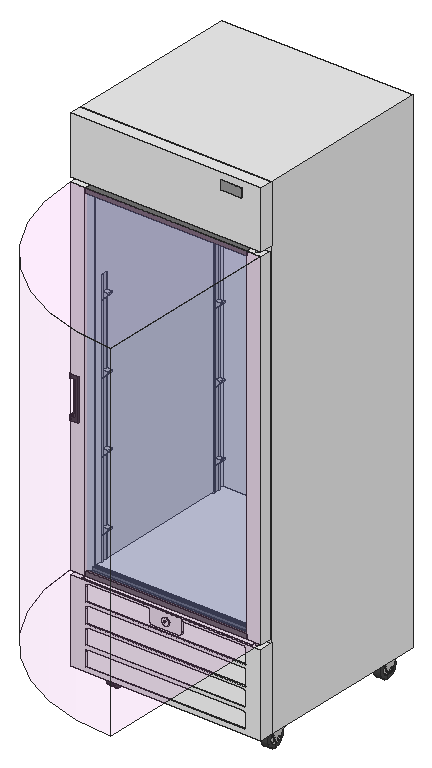
Revit family "QF_Summit_ACR261RH_General_Purpose Healthcare_All_Refrigerator", category Specialty Equipment, Revit 2020
Family settings
  Round Connector Dimension = Use Diameter
  Part Type = Normal
  Work Plane-Based = No
  Always vertical = Yes
  Cut with Voids When Loaded = No
  Shared = No
  Room Calculation Point = No
Parameters
  Weight in Pounds = 280
  Watts = if(Phase = 3, Volts * FL Amps * 1.73, Volts * FL Amps)  # 368 W
  Volts = 115 V
  URL Cutsheet = ""
  Specification by User = ""
  Specification by Manufacturer = ""
  Show Clearance [instance] = yes
  Serial Number = ""
  Seismic Rating = ""
  SMACNA No = ""
  Revision Code = ""
  Phase = 1
  Number of Poles = 1
  NAFEM Spec ID Number = ""
  Model = "ACR261RH"
  Min Ckt Ampacity = 0 A
  Max Overcurrent Protection = 0 A
  Masterspec = ""
  Manufacturer = "Summit"
  Length = 29 7/8"
  Item Number = ""
  Installed By = ""
  Identify Quantity as Lot = yes
  Height = 81 3/4"
  HP = ""
  Furnished By = ""
  Foodservice Equipment Identifier = yes
  FL Amps = 3.2 A
  Electrical Remarks = ""
  Electric Connection Type = ""
  Elec Conn RI Height = 0"
  Elec Conn Connection Height = 0"
  Description = "General Purpose Healthcare All-Refrigerator"
  Depth = 29 5/8"
  Default Elevation = 0"
  Cycle = 60 Hz
  Conn Plug = ""
  Conn Conduit = yes
  CSI MasterFormat = ""
  Apparent Power = if(Phase = 3, Volts * FL Amps * 1.73, Volts * FL Amps)  # 368 VA
Reference planes (in)
  plane 1 "BACK": y = 0
  plane 2: z = 0
  plane 3 "LEFT": x = 0
  plane 4 "RIGHT": x = 29.875
  plane 5 "FRONT": y = -29.625
  plane 6 "TOP": z = 81.75
  plane 7 "Center Y": x = 14.9375
  plane 8 "Center X": y = -14.8125
  plane 9: y = -59
  plane 10 "Base Height": z = 3.75
  plane 11: y = 0.75
  plane 12: z = 72.75
  plane 13: z = 17
  plane 14: y = -27.625
  plane 15: z = 72.125
  plane 16: z = 17.625
Forms (in)
  Extrusion 1, solid, material "QF_Metallic_Paint_White_Smooth"
    sketch origin (0, 0, 3.75) x (-1, 0, 0) y (0, -1, 0)
      loop
        line (0, 0) -> (0, 27.6285) -> (-29.875, 27.6285) -> (-29.875, 0) -> (0, 0)
    from 0.5 to 14.625
  Extrusion 2, solid, material "QF_Metallic_Paint_White_Smooth"
    sketch origin (0, 0, 18.375) x (-1, 0, 0) y (0, -1, 0)
      loop
        line (0, 0) -> (0, 27.6285) -> (-2.3125, 27.6285) -> (-2.3125, 2.625) -> (-27.5625, 2.625) -> (-27.5625, 27.6285) -> (-29.875, 27.6285) -> (-29.875, 0) -> (0, 0)
    from 0 to 63.375
  Extrusion 3, solid, material "QF_Metallic_Paint_White_Smooth"
    sketch origin (27.5625, -27.6285, 72.125) x (1, 0, 0) y (0, 1, 0)
      loop
        line (-27.5625, 0.0035) -> (-27.5625, -1.9965) -> (2.3125, -1.9965) -> (2.3125, 0.0035) -> (-27.5625, 0.0035)
    from 0.625 to 9.625
  Extrusion 4, solid, material "QF_Metallic_Paint_White_Smooth"
    sketch origin (29.875, -27.6285, 3.75) x (-1, 0, 0) y (0, 0, -1)
      loop
        line (29.875, -13.25) -> (29.875, -0.5) -> (28.25, -0.5) -> (28.25, -13.25) -> (29.875, -13.25)
      loop
        line (0, -0.5) -> (0, -13.25) -> (1.625, -13.25) -> (1.625, -0.5) -> (0, -0.5)
    from 0 to 1.9965
  Extrusion 5, solid, material "QF_Metallic_Paint_White_Smooth"
    sketch origin (1.625, -27.6285, 17) x (0, 0, -1) y (0, 1, 0)
      loop
        line (0, -1.7465) -> (0.3125, -1.7465) -> (0.3125, -0.9965) -> (2.9375, -1.7465) -> (2.9375, -0.9965) -> (6, -1.7465) -> (6, -0.9965) -> (9.0625, -1.7465) -> (9.0625, -0.9965) -> (12.125, -1.7465) -> (12.75, -1.7465) -> (12.75, 0) -> (0, 0) -> (0, -1.7465)
    from 0 to 26.625
  Extrusion 6, solid, material "QF_Metallic_Paint_White_Smooth"
    sketch origin (0, -27.6285, 18.375) x (1, 0, 0) y (0, 0, 1)
      loop
        line (0, 53.75) -> (0, -0.75) -> (2.3125, -0.75) -> (2.3125, 53.75) -> (0, 53.75)
      loop
        line (29.875, -0.75) -> (29.875, 53.75) -> (27.5625, 53.75) -> (27.5625, -0.75) -> (29.875, -0.75)
    from 0.3665 to 1.9965
  Extrusion 7, solid, material "QF_Rubber_Black_Smooth"
    sketch origin (0, -27.6285, 18.375) x (1, 0, 0) y (0, 0, 1)
      loop
        line (0.375, 53.375) -> (0.375, -0.375) -> (29.5, -0.375) -> (29.5, 53.375) -> (0.375, 53.375)
      loop
        line (0.75, 53) -> (0.75, 0) -> (29.125, 0) -> (29.125, 53) -> (0.75, 53)
    from 0 to 0.3665
  Extrusion 8, solid, material "Glass"
    sketch origin (0, -29.625, 18.375) x (1, 0, 0) y (0, 0, 1)
      loop
        line (2.3125, -0.375) -> (27.5625, -0.375) -> (27.5625, 53.375) -> (2.3125, 53.375) -> (2.3125, -0.375)
    from -0.375 to -1.255
  Extrusion 9, solid
    sketch origin (29.875, 0, 18.375) x (-1, 0, 0) y (0, 0, 1)
      loop
        circle (3.36372, -13.78099) r 0.25
    from 0 to 0.0625
  Extrusion 10, solid, material "QF_Metallic_Paint_White_Smooth"
    sketch origin (29.875, -29.625, 3.75) x (-1, 0, 0) y (0, 0, -1)
      loop
        line (28.25, -13.25) -> (28.25, -0.5) -> (1.625, -0.5) -> (1.625, -13.25) -> (28.25, -13.25)
      loop
        line (12.4375, -12.9375) -> (12.4375, -11.25)
        arc (12.4375, -11.25) -> (12.58395, -10.89645) -> (12.9375, -10.75) r 0.5
        line (12.9375, -10.75) -> (16.9375, -10.75)
        arc (16.9375, -10.75) -> (17.29105, -10.89645) -> (17.4375, -11.25) r 0.5
        line (17.4375, -11.25) -> (17.4375, -12.9375) -> (27, -12.9375)
        arc (27, -12.9375) -> (27.35355, -12.79105) -> (27.5, -12.4375) r 0.5
        line (27.5, -12.4375) -> (27.5, -10.3125) -> (2.375, -10.3125) -> (2.375, -12.4375)
        arc (2.375, -12.4375) -> (2.52145, -12.79105) -> (2.875, -12.9375) r 0.5
        line (2.875, -12.9375) -> (12.4375, -12.9375)
      loop
        line (2.875, -9.875) -> (27, -9.875)
        arc (27, -9.875) -> (27.35355, -9.72855) -> (27.5, -9.375) r 0.5
        line (27.5, -9.375) -> (27.5, -7.25) -> (2.375, -7.25) -> (2.375, -9.375)
        arc (2.375, -9.375) -> (2.52145, -9.72855) -> (2.875, -9.875) r 0.5
      loop
        line (2.875, -6.8125) -> (27, -6.8125)
        arc (27, -6.8125) -> (27.35355, -6.66605) -> (27.5, -6.3125) r 0.5
        line (27.5, -6.3125) -> (27.5, -4.1875) -> (2.375, -4.1875) -> (2.375, -6.3125)
        arc (2.375, -6.3125) -> (2.52145, -6.66605) -> (2.875, -6.8125) r 0.5
      loop
        line (2.875, -3.75) -> (27, -3.75)
        arc (27, -3.75) -> (27.35355, -3.60355) -> (27.5, -3.25) r 0.5
        line (27.5, -3.25) -> (27.5, -1.125) -> (2.375, -1.125) -> (2.375, -3.25)
        arc (2.375, -3.25) -> (2.52145, -3.60355) -> (2.875, -3.75) r 0.5
    from 0 to -0.25
  Extrusion 11, solid, material "QF_Metallic_Paint_White_Smooth"
    sketch origin (2.3125, -2.625, 18.375) x (1, 0, 0) y (0, 0, 1)
      loop
        line (25.25, 62) -> (25.25, 63.375) -> (0, 63.375) -> (0, 62) -> (25.25, 62)
    from 0 to 25.0035
  Extrusion 12, solid, material "QF_Metallic_Paint_White_Smooth"
    sketch origin (29.875, -29.625, 3.75) x (-1, 0, 0) y (0, 0, -1)
      loop
        circle (14.9375, -11.92271) r 0.5625
      loop
        circle (14.9375, -11.92271) r 0.1875
    from 0 to 0.0625
  Extrusion 13, solid
    sketch origin (35.78364, 0, 18.375) x (-1, 0, 0) y (0, 0, 1)
      loop
        line (15.65864, -1.6875) -> (13.90864, -1.6875) -> (13.90864, -3.4375) -> (15.65864, -3.4375) -> (15.65864, -1.6875)
    from 0 to 0.75
  Extrusion 14, solid, material "QF_Metallic_Paint_White_Smooth"
    sketch origin (0, 0, 4.25) x (0, -1, 0) y (-1, 0, 0)
      loop
        line (1, -1) -> (1, -28.875) -> (26.6285, -28.875) -> (26.6285, -1) -> (1, -1)
    from 0 to 0.5
  Extrusion 15, solid, material "QF_Rubber_Black_Smooth"
    sketch origin (2.3125, -27.6285, 17.625) x (0, 0, 1) y (0, -1, 0)
      loop
        line (0, 1.9965) -> (0, 0.3665) -> (0.75, 0.3665) -> (0.75, 0.7415) -> (0.375, 0.7415) -> (0.375, 1.6215) -> (0.75, 1.6215) -> (0.75, 1.9965) -> (0, 1.9965)
      loop
        line (54.5, 1.9965) -> (53.75, 1.9965) -> (53.75, 1.6215) -> (54.125, 1.6215) -> (54.125, 0.7415) -> (53.75, 0.7415) -> (53.75, 0.3665) -> (54.5, 0.3665) -> (54.5, 1.9965)
    from 0 to 25.25
  Extrusion 16, solid, material "QF_Plastic_Gray"
    sketch origin (29.875, -29.625, 72.125) x (-1, 0, 0) y (0, 0, -1)
      loop
        arc (3.11, -7.18125) -> (3.03222, -7.21347) -> (3, -7.29125) r 0.11
        line (3, -7.29125) -> (3, -8.515)
        arc (3, -8.515) -> (3.03222, -8.59278) -> (3.11, -8.625) r 0.11
        line (3.11, -8.625) -> (6.19, -8.625)
        arc (6.19, -8.625) -> (6.26778, -8.59278) -> (6.3, -8.515) r 0.11
        line (6.3, -8.515) -> (6.3, -7.29125)
        arc (6.3, -7.29125) -> (6.26778, -7.21347) -> (6.19, -7.18125) r 0.11
        line (6.19, -7.18125) -> (3.11, -7.18125)
    from 0 to 0.0625
  Extrusion 17, solid, material "QF_Clearances_Door_Drawer", visible <- "Show Clearance"
    sketch origin (0, -27.6285, 17.625) x (0, -1, 0) y (-1, 0, 0)
      loop
        line (1.9965, -0.00418) -> (1.9965, -29.875) -> (31.3715, -29.875)
        arc (31.3715, -29.875) -> (22.79736, -8.92771) -> (1.9965, -0.00418) r 29.875
    from 0 to -54.5
  Extrusion 18, void
    sketch origin (29.875, -29.625, 18.375) x (-1, 0, 0) y (0, 0, -1)
      loop
        line (30.16176, -26.29207) -> (30.16176, -21) -> (29, -21) -> (29, -26.29207) -> (30.16176, -26.29207)
    from -0.875 to 0.3741
  Extrusion 19, solid, material "QF_Metal_Black"
    sketch origin (29.875, 0, 3.75) x (1, 0, 0) y (0, 1, 0)
      loop
        line (-30, -28.25) -> (-30, -29.5)
        arc (-30, -29.5) -> (-29.92678, -29.67678) -> (-29.75, -29.75) r 0.25
        line (-29.75, -29.75) -> (-28.568, -29.75) -> (-28.568, -29.625) -> (-29.75, -29.625)
        arc (-29.75, -29.625) -> (-29.83839, -29.58839) -> (-29.875, -29.5) r 0.125
        line (-29.875, -29.5) -> (-29.875, -28.25) -> (-30, -28.25)
    from 35 to 41.5
  Revolve 20, solid, material "QF_Metal - Stainless - Polished"
    sketch origin (29.875, -28.81, 0) x (-1, 0, 0) y (0, 0, -1)
      loop
        line (1.15625, -72.125) -> (0.90625, -72.125) -> (0.90625, -72.75) -> (1.15625, -72.75) -> (1.15625, -72.125)
      axis (1.15625, -72.75) -> (1.15625, -72.125)
    angle from 0 to 360
  Revolve 21, solid, material "QF_Metal - Stainless - Polished"
    sketch origin (29.875, -28.81, 89.75) x (-1, 0, 0) y (0, 0, -1)
      loop
        line (1.15625, 72.125) -> (1.15625, 72.75) -> (0.90625, 72.75) -> (0.90625, 72.125) -> (1.15625, 72.125)
      axis (1.15625, 72.75) -> (1.15625, 72.125)
    angle from 0 to 360
  Extrusion 22, solid, material "QF_Metal - Stainless - Polished"
    sketch origin (0, 0, 18.375) x (-1, 0, 0) y (0, -1, 0)
      loop
        line (-2.3125, 26.6285) -> (-2.5625, 26.6285) -> (-2.5625, 26.5035) -> (-2.4375, 26.5035) -> (-2.4375, 25.7535) -> (-2.5625, 25.7535) -> (-2.5625, 25.6285) -> (-2.3125, 25.6285) -> (-2.3125, 26.6285)
      loop
        line (-2.3125, 3.625) -> (-2.3125, 4.625) -> (-2.5625, 4.625) -> (-2.5625, 4.5) -> (-2.4375, 4.5) -> (-2.4375, 3.75) -> (-2.5625, 3.75) -> (-2.5625, 3.625) -> (-2.3125, 3.625)
      loop
        line (-27.5625, 26.6285) -> (-27.5625, 25.6285) -> (-27.3125, 25.6285) -> (-27.3125, 25.7535) -> (-27.4375, 25.7535) -> (-27.4375, 26.5035) -> (-27.3125, 26.5035) -> (-27.3125, 26.6285) -> (-27.5625, 26.6285)
      loop
        line (-27.5625, 3.625) -> (-27.3125, 3.625) -> (-27.3125, 3.75) -> (-27.4375, 3.75) -> (-27.4375, 4.5) -> (-27.3125, 4.5) -> (-27.3125, 4.625) -> (-27.5625, 4.625) -> (-27.5625, 3.625)
    from 0 to 40.19271
  Extrusion 23, solid, material "QF_Metal - Stainless - Polished"
    sketch origin (2.3125, -25.7535, 18.375) x (1, 0, 0) y (0, 0, 1)
      loop
        arc (1.08839, 4.58654) -> (1.11548, 4.6271) -> (1.125, 4.67493) r 0.125
        line (1.125, 4.67493) -> (1.125, 4.79732)
        arc (1.125, 4.79732) -> (1.10669, 4.84152) -> (1.0625, 4.85982) r 0.0625
        line (1.0625, 4.85982) -> (0.125, 4.85982) -> (0.125, 3.62316) -> (1.08839, 4.58654)
      loop
        arc (1.08839, 15.59364) -> (1.11548, 15.6342) -> (1.125, 15.68203) r 0.125
        line (1.125, 15.68203) -> (1.125, 15.80442)
        arc (1.125, 15.80442) -> (1.10669, 15.84861) -> (1.0625, 15.86692) r 0.0625
        line (1.0625, 15.86692) -> (0.125, 15.86692) -> (0.125, 14.63025) -> (1.08839, 15.59364)
      loop
        arc (1.08839, 26.59607) -> (1.11548, 26.63662) -> (1.125, 26.68446) r 0.125
        line (1.125, 26.68446) -> (1.125, 26.80685)
        arc (1.125, 26.80685) -> (1.10669, 26.85104) -> (1.0625, 26.86935) r 0.0625
        line (1.0625, 26.86935) -> (0.125, 26.86935) -> (0.125, 25.63268) -> (1.08839, 26.59607)
      loop
        arc (1.08839, 37.59607) -> (1.11548, 37.63662) -> (1.125, 37.68446) r 0.125
        line (1.125, 37.68446) -> (1.125, 37.80685)
        arc (1.125, 37.80685) -> (1.10669, 37.85104) -> (1.0625, 37.86935) r 0.0625
        line (1.0625, 37.86935) -> (0.125, 37.86935) -> (0.125, 36.63268) -> (1.08839, 37.59607)
      loop
        line (24.16161, 4.58654) -> (25.125, 3.62316) -> (25.125, 4.85982) -> (24.1875, 4.85982)
        arc (24.1875, 4.85982) -> (24.14331, 4.84152) -> (24.125, 4.79732) r 0.0625
        line (24.125, 4.79732) -> (24.125, 4.67493)
        arc (24.125, 4.67493) -> (24.13452, 4.6271) -> (24.16161, 4.58654) r 0.125
      loop
        line (24.16161, 15.59364) -> (25.125, 14.63025) -> (25.125, 15.86692) -> (24.1875, 15.86692)
        arc (24.1875, 15.86692) -> (24.14331, 15.84861) -> (24.125, 15.80442) r 0.0625
        line (24.125, 15.80442) -> (24.125, 15.68203)
        arc (24.125, 15.68203) -> (24.13452, 15.6342) -> (24.16161, 15.59364) r 0.125
      loop
        line (24.16161, 26.59607) -> (25.125, 25.63268) -> (25.125, 26.86935) -> (24.1875, 26.86935)
        arc (24.1875, 26.86935) -> (24.14331, 26.85104) -> (24.125, 26.80685) r 0.0625
        line (24.125, 26.80685) -> (24.125, 26.68446)
        arc (24.125, 26.68446) -> (24.13452, 26.63662) -> (24.16161, 26.59607) r 0.125
      loop
        line (24.16161, 37.59607) -> (25.125, 36.63268) -> (25.125, 37.86935) -> (24.1875, 37.86935)
        arc (24.1875, 37.86935) -> (24.14331, 37.85104) -> (24.125, 37.80685) r 0.0625
        line (24.125, 37.80685) -> (24.125, 37.68446)
        arc (24.125, 37.68446) -> (24.13452, 37.63662) -> (24.16161, 37.59607) r 0.125
    from 0 to 0.75
  Extrusion 24, solid, material "QF_Metal - Stainless - Polished"
    sketch origin (2.3125, -3.75, 18.375) x (1, 0, 0) y (0, 0, 1)
      loop
        arc (1.08839, 4.58654) -> (1.11548, 4.6271) -> (1.125, 4.67493) r 0.125
        line (1.125, 4.67493) -> (1.125, 4.79732)
        arc (1.125, 4.79732) -> (1.10669, 4.84152) -> (1.0625, 4.85982) r 0.0625
        line (1.0625, 4.85982) -> (0.125, 4.85982) -> (0.125, 3.62316) -> (1.08839, 4.58654)
      loop
        arc (1.08839, 15.59364) -> (1.11548, 15.6342) -> (1.125, 15.68203) r 0.125
        line (1.125, 15.68203) -> (1.125, 15.80442)
        arc (1.125, 15.80442) -> (1.10669, 15.84861) -> (1.0625, 15.86692) r 0.0625
        line (1.0625, 15.86692) -> (0.125, 15.86692) -> (0.125, 14.63025) -> (1.08839, 15.59364)
      loop
        arc (1.08839, 26.59607) -> (1.11548, 26.63662) -> (1.125, 26.68446) r 0.125
        line (1.125, 26.68446) -> (1.125, 26.80685)
        arc (1.125, 26.80685) -> (1.10669, 26.85104) -> (1.0625, 26.86935) r 0.0625
        line (1.0625, 26.86935) -> (0.125, 26.86935) -> (0.125, 25.63268) -> (1.08839, 26.59607)
      loop
        arc (1.08839, 37.59607) -> (1.11548, 37.63662) -> (1.125, 37.68446) r 0.125
        line (1.125, 37.68446) -> (1.125, 37.80685)
        arc (1.125, 37.80685) -> (1.10669, 37.85104) -> (1.0625, 37.86935) r 0.0625
        line (1.0625, 37.86935) -> (0.125, 37.86935) -> (0.125, 36.63268) -> (1.08839, 37.59607)
      loop
        line (24.16161, 4.58654) -> (25.125, 3.62316) -> (25.125, 4.85982) -> (24.1875, 4.85982)
        arc (24.1875, 4.85982) -> (24.14331, 4.84152) -> (24.125, 4.79732) r 0.0625
        line (24.125, 4.79732) -> (24.125, 4.67493)
        arc (24.125, 4.67493) -> (24.13452, 4.6271) -> (24.16161, 4.58654) r 0.125
      loop
        line (24.16161, 15.59364) -> (25.125, 14.63025) -> (25.125, 15.86692) -> (24.1875, 15.86692)
        arc (24.1875, 15.86692) -> (24.14331, 15.84861) -> (24.125, 15.80442) r 0.0625
        line (24.125, 15.80442) -> (24.125, 15.68203)
        arc (24.125, 15.68203) -> (24.13452, 15.6342) -> (24.16161, 15.59364) r 0.125
      loop
        line (24.16161, 26.59607) -> (25.125, 25.63268) -> (25.125, 26.86935) -> (24.1875, 26.86935)
        arc (24.1875, 26.86935) -> (24.14331, 26.85104) -> (24.125, 26.80685) r 0.0625
        line (24.125, 26.80685) -> (24.125, 26.68446)
        arc (24.125, 26.68446) -> (24.13452, 26.63662) -> (24.16161, 26.59607) r 0.125
      loop
        line (24.16161, 37.59607) -> (25.125, 36.63268) -> (25.125, 37.86935) -> (24.1875, 37.86935)
        arc (24.1875, 37.86935) -> (24.14331, 37.85104) -> (24.125, 37.80685) r 0.0625
        line (24.125, 37.80685) -> (24.125, 37.68446)
        arc (24.125, 37.68446) -> (24.13452, 37.63662) -> (24.16161, 37.59607) r 0.125
    from 0 to 0.75
  Extrusion 25, solid, material "QF_Metal - Stainless - Polished", not visible
    sketch origin (0, 0, 18.375) x (-1, 0, 0) y (0, -1, 0)
      loop
        line (-2.3125, 26.6285) -> (-2.5625, 26.6285) -> (-2.5625, 26.5035) -> (-2.4375, 26.5035) -> (-2.4375, 25.7535) -> (-2.5625, 25.7535) -> (-2.5625, 25.6285) -> (-2.3125, 25.6285) -> (-2.3125, 26.6285)
      loop
        line (-2.3125, 3.625) -> (-2.3125, 4.625) -> (-2.5625, 4.625) -> (-2.5625, 4.5) -> (-2.4375, 4.5) -> (-2.4375, 3.75) -> (-2.5625, 3.75) -> (-2.5625, 3.625) -> (-2.3125, 3.625)
      loop
        line (-27.5625, 26.6285) -> (-27.5625, 25.6285) -> (-27.3125, 25.6285) -> (-27.3125, 25.7535) -> (-27.4375, 25.7535) -> (-27.4375, 26.5035) -> (-27.3125, 26.5035) -> (-27.3125, 26.6285) -> (-27.5625, 26.6285)
      loop
        line (-27.5625, 3.625) -> (-27.3125, 3.625) -> (-27.3125, 3.75) -> (-27.4375, 3.75) -> (-27.4375, 4.5) -> (-27.3125, 4.5) -> (-27.3125, 4.625) -> (-27.5625, 4.625) -> (-27.5625, 3.625)
    from 0 to 40.19271
  Extrusion 26, solid, material "QF_Metal - Stainless - Polished", not visible
    sketch origin (2.3125, -25.7535, 18.375) x (1, 0, 0) y (0, 0, 1)
      loop
        arc (1.08839, 4.58654) -> (1.11548, 4.6271) -> (1.125, 4.67493) r 0.125
        line (1.125, 4.67493) -> (1.125, 4.79732)
        arc (1.125, 4.79732) -> (1.10669, 4.84152) -> (1.0625, 4.85982) r 0.0625
        line (1.0625, 4.85982) -> (0.125, 4.85982) -> (0.125, 3.62316) -> (1.08839, 4.58654)
      loop
        arc (1.08839, 15.59364) -> (1.11548, 15.6342) -> (1.125, 15.68203) r 0.125
        line (1.125, 15.68203) -> (1.125, 15.80442)
        arc (1.125, 15.80442) -> (1.10669, 15.84861) -> (1.0625, 15.86692) r 0.0625
        line (1.0625, 15.86692) -> (0.125, 15.86692) -> (0.125, 14.63025) -> (1.08839, 15.59364)
      loop
        arc (1.08839, 26.59607) -> (1.11548, 26.63662) -> (1.125, 26.68446) r 0.125
        line (1.125, 26.68446) -> (1.125, 26.80685)
        arc (1.125, 26.80685) -> (1.10669, 26.85104) -> (1.0625, 26.86935) r 0.0625
        line (1.0625, 26.86935) -> (0.125, 26.86935) -> (0.125, 25.63268) -> (1.08839, 26.59607)
      loop
        arc (1.08839, 37.59607) -> (1.11548, 37.63662) -> (1.125, 37.68446) r 0.125
        line (1.125, 37.68446) -> (1.125, 37.80685)
        arc (1.125, 37.80685) -> (1.10669, 37.85104) -> (1.0625, 37.86935) r 0.0625
        line (1.0625, 37.86935) -> (0.125, 37.86935) -> (0.125, 36.63268) -> (1.08839, 37.59607)
      loop
        line (24.16161, 4.58654) -> (25.125, 3.62316) -> (25.125, 4.85982) -> (24.1875, 4.85982)
        arc (24.1875, 4.85982) -> (24.14331, 4.84152) -> (24.125, 4.79732) r 0.0625
        line (24.125, 4.79732) -> (24.125, 4.67493)
        arc (24.125, 4.67493) -> (24.13452, 4.6271) -> (24.16161, 4.58654) r 0.125
      loop
        line (24.16161, 15.59364) -> (25.125, 14.63025) -> (25.125, 15.86692) -> (24.1875, 15.86692)
        arc (24.1875, 15.86692) -> (24.14331, 15.84861) -> (24.125, 15.80442) r 0.0625
        line (24.125, 15.80442) -> (24.125, 15.68203)
        arc (24.125, 15.68203) -> (24.13452, 15.6342) -> (24.16161, 15.59364) r 0.125
      loop
        line (24.16161, 26.59607) -> (25.125, 25.63268) -> (25.125, 26.86935) -> (24.1875, 26.86935)
        arc (24.1875, 26.86935) -> (24.14331, 26.85104) -> (24.125, 26.80685) r 0.0625
        line (24.125, 26.80685) -> (24.125, 26.68446)
        arc (24.125, 26.68446) -> (24.13452, 26.63662) -> (24.16161, 26.59607) r 0.125
      loop
        line (24.16161, 37.59607) -> (25.125, 36.63268) -> (25.125, 37.86935) -> (24.1875, 37.86935)
        arc (24.1875, 37.86935) -> (24.14331, 37.85104) -> (24.125, 37.80685) r 0.0625
        line (24.125, 37.80685) -> (24.125, 37.68446)
        arc (24.125, 37.68446) -> (24.13452, 37.63662) -> (24.16161, 37.59607) r 0.125
    from 0 to 0.75
  Extrusion 27, solid, material "QF_Metal - Stainless - Polished", not visible
    sketch origin (2.3125, -3.75, 18.375) x (1, 0, 0) y (0, 0, 1)
      loop
        arc (1.08839, 4.58654) -> (1.11548, 4.6271) -> (1.125, 4.67493) r 0.125
        line (1.125, 4.67493) -> (1.125, 4.79732)
        arc (1.125, 4.79732) -> (1.10669, 4.84152) -> (1.0625, 4.85982) r 0.0625
        line (1.0625, 4.85982) -> (0.125, 4.85982) -> (0.125, 3.62316) -> (1.08839, 4.58654)
      loop
        arc (1.08839, 15.59364) -> (1.11548, 15.6342) -> (1.125, 15.68203) r 0.125
        line (1.125, 15.68203) -> (1.125, 15.80442)
        arc (1.125, 15.80442) -> (1.10669, 15.84861) -> (1.0625, 15.86692) r 0.0625
        line (1.0625, 15.86692) -> (0.125, 15.86692) -> (0.125, 14.63025) -> (1.08839, 15.59364)
      loop
        arc (1.08839, 26.59607) -> (1.11548, 26.63662) -> (1.125, 26.68446) r 0.125
        line (1.125, 26.68446) -> (1.125, 26.80685)
        arc (1.125, 26.80685) -> (1.10669, 26.85104) -> (1.0625, 26.86935) r 0.0625
        line (1.0625, 26.86935) -> (0.125, 26.86935) -> (0.125, 25.63268) -> (1.08839, 26.59607)
      loop
        arc (1.08839, 37.59607) -> (1.11548, 37.63662) -> (1.125, 37.68446) r 0.125
        line (1.125, 37.68446) -> (1.125, 37.80685)
        arc (1.125, 37.80685) -> (1.10669, 37.85104) -> (1.0625, 37.86935) r 0.0625
        line (1.0625, 37.86935) -> (0.125, 37.86935) -> (0.125, 36.63268) -> (1.08839, 37.59607)
      loop
        line (24.16161, 4.58654) -> (25.125, 3.62316) -> (25.125, 4.85982) -> (24.1875, 4.85982)
        arc (24.1875, 4.85982) -> (24.14331, 4.84152) -> (24.125, 4.79732) r 0.0625
        line (24.125, 4.79732) -> (24.125, 4.67493)
        arc (24.125, 4.67493) -> (24.13452, 4.6271) -> (24.16161, 4.58654) r 0.125
      loop
        line (24.16161, 15.59364) -> (25.125, 14.63025) -> (25.125, 15.86692) -> (24.1875, 15.86692)
        arc (24.1875, 15.86692) -> (24.14331, 15.84861) -> (24.125, 15.80442) r 0.0625
        line (24.125, 15.80442) -> (24.125, 15.68203)
        arc (24.125, 15.68203) -> (24.13452, 15.6342) -> (24.16161, 15.59364) r 0.125
      loop
        line (24.16161, 26.59607) -> (25.125, 25.63268) -> (25.125, 26.86935) -> (24.1875, 26.86935)
        arc (24.1875, 26.86935) -> (24.14331, 26.85104) -> (24.125, 26.80685) r 0.0625
        line (24.125, 26.80685) -> (24.125, 26.68446)
        arc (24.125, 26.68446) -> (24.13452, 26.63662) -> (24.16161, 26.59607) r 0.125
      loop
        line (24.16161, 37.59607) -> (25.125, 36.63268) -> (25.125, 37.86935) -> (24.1875, 37.86935)
        arc (24.1875, 37.86935) -> (24.14331, 37.85104) -> (24.125, 37.80685) r 0.0625
        line (24.125, 37.80685) -> (24.125, 37.68446)
        arc (24.125, 37.68446) -> (24.13452, 37.63662) -> (24.16161, 37.59607) r 0.125
    from 0 to 0.75
Cuts and joins
  Extrusion 18 cuts Extrusion 6
  joined: Extrusion 1, Extrusion 2, Extrusion 11
  joined: Extrusion 4, Extrusion 10
  Extrusion 18 cuts Extrusion 19
Lines and regions (in)
  Split face 1
    outline origin (29.875, -29.625, 72.125) x (-1, 0, 0) y (0, 0, -1)
      loop
        line (1.625, -0.625) -> (1.625, -9.625)
  Split face 2
    outline origin (29.875, -29.625, 72.125) x (-1, 0, 0) y (0, 0, -1)
      loop
        line (28.25, -0.625) -> (28.25, -9.625)
  Split face 3
    outline origin (29.875, -29.6875, 72.125) x (-1, 0, 0) y (0, 0, -1)
      loop
        line (3.6886, -8.625) -> (3.6886, -7.43125) -> (5.6114, -7.43125) -> (5.6114, -8.625)
  symbolic lines
    curve 1: line (0, 0, 3.75) -> (29.875, 0, 3.75)
    curve 2: line (0, -29.625, 3.75) -> (0, 0, 3.75)
    curve 3: line (29.875, -29.625, 3.75) -> (0, -29.625, 3.75)
    curve 4: line (29.875, 0, 3.75) -> (29.875, -29.625, 3.75)
    curve 5: line (20.125, 0, 3.75) -> (20.125, 0.75, 3.75)
    curve 6: line (20.125, 0.75, 3.75) -> (21.875, 0.75, 3.75)
    curve 7: line (21.875, 0.75, 3.75) -> (21.875, 0, 3.75)
    curve 8: line (0, -27.6285, 3.75) -> (29.875, -27.6285, 3.75)
    curve 11: line (1.307, -29.625, 3.75) -> (1.307, -29.75, 3.75)
    curve 12: line (1.307, -29.75, 3.75) -> (0.08828, -29.75, 3.75)
    curve 13: line (0, -28.25, 3.75) -> (-0.125, -28.25, 3.75)
    curve 14: line (-0.125, -28.25, 3.75) -> (-0.125, -29.53672, 3.75)
    curve 15: arc (0.08828, -29.75, 3.75) -> (-0.06253, -29.68753, 3.75) -> (-0.125, -29.53672, 3.75) r 0.21328
  symbolic lines, style "QF_Clearances_Door_Drawer", visible <- "Show Clearance"
    curve 9: arc (4.21822, -44.4371, 3.75) -> (1.13829, -37.30752, 3.75) -> (0, -29.625, 3.75) r 29.87705
    curve 10: line (29.875, -29.625, 3.75) -> (4.21822, -44.4371, 3.75)
Dimensions and locks (in)
  equal spacing: plane 3 "LEFT", plane 7 "Center Y", plane 4 "RIGHT"
  "Length": plane 3 "LEFT" to plane 4 "RIGHT"
  equal spacing: plane 5 "FRONT", plane 8 "Center X", plane 1 "BACK"
  "Depth": plane 5 "FRONT" to plane 1 "BACK"
  plane 9 to plane 1 "BACK" = 59"
  plane 10 "Base Height" to level = 3 3/4"
  "Height": plane 6 "TOP" to level
  plane 1 "BACK" to plane 11 = 3/4"
  plane 6 "TOP" to plane 12 = 9"
  plane 13 to plane 10 "Base Height" = 13 1/4"
  plane 14 to plane 1 "BACK" = 27 5/8"
  aligned and locked: level to plane 2
Automatic sketch dimensions
  plane 1 "BACK" to Extrusion 1 sketch curve = 0"
  Extrusion 1 sketch curve to plane 4 "RIGHT" = 0"
  Extrusion 1 sketch curve to plane 3 "LEFT" = 0"
  Extrusion 1 sketch curve to plane 14 = 0.0035"
  Extrusion 1 to Extrusion 2 sketch curve = 0"  (x2)
  Extrusion 2 sketch curve to Extrusion 1 = 0"  (x3)
  Extrusion 2 sketch curve to Extrusion 1 = 2 5/16"
  Extrusion 2 sketch curve to Extrusion 2 sketch curve = 2 5/16"
  Extrusion 2 sketch curve to Extrusion 1 = 2 5/8"
  Extrusion 3 sketch curve to Extrusion 6 = 0"  (x2)
  Extrusion 3 sketch curve to Extrusion 6 = 0.37"
  Extrusion 3 sketch curve to Extrusion 6 = 27 9/16"
  Extrusion 4 sketch curve to Extrusion 1 = 0"  (x4)
  Extrusion 4 sketch curve to Extrusion 4 sketch curve = 1 5/8"
  Extrusion 1 to Extrusion 4 sketch curve = 1 5/8"
  Extrusion 1 to Extrusion 4 sketch curve = 1 3/8"  (x2)
  Extrusion 4 to Extrusion 5 sketch curve = 0"
  Extrusion 5 sketch curve to Extrusion 4 = 0"  (x2)
  Extrusion 4 to Extrusion 5 sketch curve = 5/16"
  Extrusion 4 to Extrusion 5 sketch curve = 0.9965"  (x2)
  Extrusion 5 sketch curve to Extrusion 5 sketch curve = 2 5/8"
  Extrusion 5 sketch curve to Extrusion 5 sketch curve = 3 1/16"  (x2)
  Extrusion 4 to Extrusion 5 sketch curve = 1/4"  (x5)
  Extrusion 4 to Extrusion 5 sketch curve = 5/8"
  Extrusion 5 sketch curve to Extrusion 5 sketch curve = 3/4"  (x2)
  Extrusion 2 to Extrusion 6 sketch curve = 0"
  Extrusion 6 sketch curve to Extrusion 2 = 0"
  Extrusion 6 sketch curve to Extrusion 2 = 3/4"  (x2)
  Extrusion 2 to Extrusion 6 sketch curve = 25 1/4"
  Extrusion 6 sketch curve to Extrusion 6 sketch curve = 2 5/16"
  Extrusion 2 to Extrusion 6 sketch curve = 9 5/8"  (x2)
  Extrusion 7 sketch curve to Extrusion 2 = 0"
  Extrusion 7 sketch curve to Extrusion 2 = 3/8"  (x2)
  Extrusion 7 sketch curve to Extrusion 7 sketch curve = 3/8"  (x3)
  Extrusion 2 to Extrusion 7 sketch curve = 10 3/8"
  Extrusion 2 to Extrusion 7 sketch curve = 26 13/16"
  Extrusion 8 sketch curve to Extrusion 6 = 0"
  Extrusion 6 to Extrusion 8 sketch curve = 0"
  Extrusion 8 sketch curve to Extrusion 6 = 3/8"  (x2)
  Extrusion 2 to Extrusion 9 sketch curve = 3.36372"
  Extrusion 9 sketch curve to Extrusion 2 = 13.78099"
  curve 10 to plane 4 "RIGHT" = 0"
  curve 7 to plane 11 = 0"
  plane 1 "BACK" to curve 7 = 0"
  curve 9 to plane 3 "LEFT" = 0"
  plane 4 "RIGHT" to curve 9 = 0.00214"
  plane 7 "Center Y" to curve 7 = 6 15/16"
  curve 6 to curve 6 = 1 3/4"
  plane 3 "LEFT" to curve 10 = 4.21822"
  plane 5 "FRONT" to curve 12 = 1/8"
  plane 3 "LEFT" to curve 12 = 1.307"
  plane 3 "LEFT" to curve 12 = 0.08828"
  curve 13 to curve 14 = 1/8"
  curve 13 to plane 14 = 5/8"
  curve 8 to plane 14 = 0.0035"
  Extrusion 10 sketch curve to Extrusion 4 = 0"  (x4)
  Extrusion 4 to Extrusion 10 sketch curve = 3/4"  (x5)
  Extrusion 10 sketch curve to Extrusion 10 sketch curve = 1/2"  (x9)
  Extrusion 10 sketch curve to Extrusion 4 = 5/16"  (x2)
  Extrusion 10 sketch curve to Extrusion 10 sketch curve = 9 9/16"
  Extrusion 10 sketch curve to Extrusion 10 sketch curve = 4"
  Extrusion 4 to Extrusion 10 sketch curve = 1 1/4"  (x4)
  Extrusion 10 sketch curve to Extrusion 10 sketch curve = 1 11/16"
  Extrusion 10 sketch curve to Extrusion 10 sketch curve = 2 1/8"  (x3)
  Extrusion 10 sketch curve to Extrusion 10 sketch curve = 7/16"  (x3)
  Extrusion 10 sketch curve to Extrusion 4 = 5/8"
  Extrusion 11 sketch curve to Extrusion 2 = 0"  (x3)
  Extrusion 2 to Extrusion 11 sketch curve = 1 3/8"
  Split face 1 sketch curve to Extrusion 3 = 0"  (x2)
  Split face 1 sketch curve to Extrusion 3 = 1 5/8"
  Split face 2 sketch curve to Extrusion 3 = 0"  (x2)
  Split face 2 sketch curve to Extrusion 3 = 1 5/8"
  Extrusion 12 sketch curve to Extrusion 12 sketch curve = 0"  (x2)
  Extrusion 10 to Extrusion 12 sketch curve = 1.01479"
  Extrusion 12 sketch curve to Extrusion 10 = 2 1/2"
  Extrusion 13 sketch curve to Extrusion 2 = 1 11/16"
  Extrusion 2 to Extrusion 13 sketch curve = 8"
  Extrusion 13 sketch curve to Extrusion 13 sketch curve = 1 3/4"  (x2)
  Extrusion 1 to Extrusion 14 sketch curve = 1"  (x4)
  Extrusion 6 to Extrusion 15 sketch curve = 0"  (x2)
  Extrusion 15 sketch curve to Extrusion 6 = 0"  (x4)
  Extrusion 15 sketch curve to Extrusion 6 = 3/8"
  Extrusion 15 sketch curve to Extrusion 15 sketch curve = 3/8"  (x2)
  Extrusion 15 sketch curve to Extrusion 15 sketch curve = 3/4"  (x2)
  Extrusion 6 to Extrusion 15 sketch curve = 3/8"  (x5)
  Extrusion 16 sketch curve to Extrusion 3 = 3"
  Extrusion 16 sketch curve to Extrusion 16 sketch curve = 0.11"  (x3)
  Extrusion 16 sketch curve to Extrusion 16 sketch curve = 3.08"
  Extrusion 16 sketch curve to Extrusion 16 sketch curve = 0"
  Extrusion 3 to Extrusion 16 sketch curve = 1"
  Extrusion 16 sketch curve to Extrusion 16 sketch curve = 1.22375"
  Split face 3 sketch curve to Extrusion 16 = 0"  (x2)
  Split face 3 sketch curve to Extrusion 16 = 1/4"
  Split face 3 sketch curve to Extrusion 16 = 0.6886"  (x2)
  Extrusion 17 sketch curve to plane 4 "RIGHT" = 0"
  plane 5 "FRONT" to Extrusion 17 sketch curve = 0"
  Extrusion 17 sketch curve to plane 9 = 0"
  Extrusion 17 sketch curve to Extrusion 17 sketch curve = 1/2"
  Extrusion 18 sketch curve to Extrusion 6 = 7/8"
  Extrusion 6 to Extrusion 18 sketch curve = 0.28676"
  Extrusion 18 sketch curve to Extrusion 6 = 27.04207"
  Extrusion 18 sketch curve to Extrusion 18 sketch curve = 5.29207"
  Extrusion 19 sketch curve to Extrusion 19 sketch curve = 0"  (x2)
  Extrusion 19 sketch curve to plane 3 "LEFT" = 0"
  plane 5 "FRONT" to Extrusion 19 sketch curve = 0"
  Extrusion 19 sketch curve to Extrusion 19 sketch curve = 1/8"
  Extrusion 19 sketch curve to plane 3 "LEFT" = 1/8"
  Extrusion 19 sketch curve to Extrusion 19 sketch curve = 1.182"
  plane 14 to Extrusion 19 sketch curve = 5/8"
  Revolve 20 sketch curve to plane 12 = 0"
  Revolve 20 sketch curve to plane 15 = 0"  (x2)
  plane 4 "RIGHT" to Revolve 20 sketch curve = 29/32"
  Revolve 20 sketch curve to Revolve 20 sketch curve = 1/4"
  Revolve 20 sketch curve to Revolve 20 sketch curve = 0"
  Revolve 20 sketch curve to plane 15 = 1.36235"
  Revolve 21 sketch curve to plane 13 = 0"
  Revolve 21 sketch curve to plane 16 = 0"  (x2)
  plane 4 "RIGHT" to Revolve 21 sketch curve = 29/32"
  Revolve 21 sketch curve to Revolve 21 sketch curve = 1/4"
  Revolve 21 sketch curve to Revolve 21 sketch curve = 0"
  plane 16 to Revolve 21 sketch curve = 1.36235"
  Extrusion 22 sketch curve to Extrusion 22 sketch curve = 1/8"  (x18)
  Extrusion 22 sketch curve to Extrusion 22 sketch curve = 0"  (x5)
  Extrusion 22 sketch curve to Extrusion 22 sketch curve = 3/4"  (x4)
  Extrusion 23 sketch curve to Extrusion 23 sketch curve = 1/16"  (x9)
  Extrusion 23 sketch curve to Extrusion 23 sketch curve = 1/8"  (x5)
  Extrusion 23 sketch curve to Extrusion 23 sketch curve = 7/8"  (x7)
  Extrusion 23 sketch curve to Extrusion 23 sketch curve = 0.03661"  (x7)
  Extrusion 23 sketch curve to Extrusion 23 sketch curve = 0.08839"  (x3)
  Extrusion 23 sketch curve to Extrusion 23 sketch curve = 0.96339"  (x9)
  Extrusion 23 sketch curve to Extrusion 23 sketch curve = 0.12239"  (x8)
  Extrusion 23 sketch curve to Extrusion 23 sketch curve = 9.77043"  (x2)
  Extrusion 23 sketch curve to Extrusion 23 sketch curve = 9.76576"  (x2)
  Extrusion 23 sketch curve to Extrusion 23 sketch curve = 9.76333"  (x2)
  Extrusion 23 sketch curve to Extrusion 23 sketch curve = 0"  (x11)
  Extrusion 24 sketch curve to Extrusion 24 sketch curve = 7/8"  (x7)
  Extrusion 24 sketch curve to Extrusion 24 sketch curve = 0.03661"  (x4)
  Extrusion 24 sketch curve to Extrusion 24 sketch curve = 1/16"  (x12)
  Extrusion 24 sketch curve to Extrusion 24 sketch curve = 0.08839"  (x6)
  Extrusion 24 sketch curve to Extrusion 24 sketch curve = 1/8"  (x2)
  Extrusion 24 sketch curve to Extrusion 24 sketch curve = 0.96339"  (x9)
  Extrusion 24 sketch curve to Extrusion 24 sketch curve = 0.12239"  (x8)
  Extrusion 24 sketch curve to Extrusion 24 sketch curve = 9.77043"  (x2)
  Extrusion 24 sketch curve to Extrusion 24 sketch curve = 9.76576"  (x2)
  Extrusion 24 sketch curve to Extrusion 24 sketch curve = 9.76333"  (x2)
  Extrusion 24 sketch curve to Extrusion 24 sketch curve = 0"  (x11)
  Extrusion 22 sketch curve to Extrusion 22 sketch curve = 24 3/4"
  Extrusion 22 sketch curve to Extrusion 22 sketch curve = 21.0035"  (x2)
  Extrusion 23 sketch curve to Extrusion 23 sketch curve = 23"
  Extrusion 23 sketch curve to Extrusion 23 sketch curve = 1"  (x3)
  Extrusion 23 sketch curve to Extrusion 23 sketch curve = 1.05178"
  Extrusion 24 sketch curve to Extrusion 24 sketch curve = 23"
  Extrusion 24 sketch curve to Extrusion 24 sketch curve = 1"  (x3)
  Extrusion 24 sketch curve to Extrusion 24 sketch curve = 1.05178"
  Extrusion 25 sketch curve to Extrusion 25 sketch curve = 1/8"  (x18)
  Extrusion 25 sketch curve to Extrusion 25 sketch curve = 0"  (x5)
  Extrusion 25 sketch curve to Extrusion 25 sketch curve = 3/4"  (x4)
  Extrusion 26 sketch curve to Extrusion 26 sketch curve = 1/16"  (x9)
  Extrusion 26 sketch curve to Extrusion 26 sketch curve = 1/8"  (x5)
  Extrusion 26 sketch curve to Extrusion 26 sketch curve = 7/8"  (x7)
  Extrusion 26 sketch curve to Extrusion 26 sketch curve = 0.03661"  (x7)
  Extrusion 26 sketch curve to Extrusion 26 sketch curve = 0.08839"  (x3)
  Extrusion 26 sketch curve to Extrusion 26 sketch curve = 0.96339"  (x9)
  Extrusion 26 sketch curve to Extrusion 26 sketch curve = 0.12239"  (x8)
  Extrusion 26 sketch curve to Extrusion 26 sketch curve = 9.77043"  (x2)
  Extrusion 26 sketch curve to Extrusion 26 sketch curve = 9.76576"  (x2)
  Extrusion 26 sketch curve to Extrusion 26 sketch curve = 9.76333"  (x2)
  Extrusion 26 sketch curve to Extrusion 26 sketch curve = 0"  (x11)
  Extrusion 27 sketch curve to Extrusion 27 sketch curve = 7/8"  (x7)
  Extrusion 27 sketch curve to Extrusion 27 sketch curve = 0.03661"  (x4)
  Extrusion 27 sketch curve to Extrusion 27 sketch curve = 1/16"  (x12)
  Extrusion 27 sketch curve to Extrusion 27 sketch curve = 0.08839"  (x6)
  Extrusion 27 sketch curve to Extrusion 27 sketch curve = 1/8"  (x2)
  Extrusion 27 sketch curve to Extrusion 27 sketch curve = 0.96339"  (x9)
  Extrusion 27 sketch curve to Extrusion 27 sketch curve = 0.12239"  (x8)
  Extrusion 27 sketch curve to Extrusion 27 sketch curve = 9.77043"  (x2)
  Extrusion 27 sketch curve to Extrusion 27 sketch curve = 9.76576"  (x2)
  Extrusion 27 sketch curve to Extrusion 27 sketch curve = 9.76333"  (x2)
  Extrusion 27 sketch curve to Extrusion 27 sketch curve = 0"  (x11)
  Extrusion 25 sketch curve to Extrusion 25 sketch curve = 24 3/4"
  Extrusion 25 sketch curve to Extrusion 25 sketch curve = 21.0035"  (x2)
  Extrusion 26 sketch curve to Extrusion 26 sketch curve = 23"
  Extrusion 26 sketch curve to Extrusion 26 sketch curve = 1"  (x3)
  Extrusion 26 sketch curve to Extrusion 26 sketch curve = 1.05178"
  Extrusion 27 sketch curve to Extrusion 27 sketch curve = 23"
  Extrusion 27 sketch curve to Extrusion 27 sketch curve = 1"  (x3)
  Extrusion 27 sketch curve to Extrusion 27 sketch curve = 1.05178"
  curve 9 to plane 5 "FRONT" = 0.50056"
  plane 5 "FRONT" to curve 10 = 0"
  radius of Extrusion 9 sketch curve = 1/4"
  radius of Extrusion 12 sketch curve = 9/16"
  radius of Extrusion 12 sketch curve = 3/16"
Nested families (in)
  nested 1: "4 INCHES_CASTER" at (27.0625, -2.8125, 0), type "4 INCHES_CASTER"
    with Type Mark "", Specification by User "", Show 4 Inches Casters yes, Revision Code "", Item Number "", Installed By "", Identify Quantity as Lot yes, Furnished By "", Foodservice Equipment Identifier yes
  nested 2: "4 INCHES_CASTER" at (2.8125, -2.8125, 0), type "4 INCHES_CASTER"
    with Type Mark "", Specification by User "", Show 4 Inches Casters yes, Revision Code "", Item Number "", Installed By "", Identify Quantity as Lot yes, Furnished By "", Foodservice Equipment Identifier yes
  nested 3: "4 INCHES_CASTER" at (27.0625, -24.8125, 0), type "4 INCHES_CASTER"
    with Type Mark "", Specification by User "", Show 4 Inches Casters yes, Revision Code "", Item Number "", Installed By "", Identify Quantity as Lot yes, Furnished By "", Foodservice Equipment Identifier yes
  nested 4: "4 INCHES_CASTER" at (2.8125, -24.8125, 0), type "4 INCHES_CASTER"
    with Type Mark "", Specification by User "", Show 4 Inches Casters yes, Revision Code "", Item Number "", Installed By "", Identify Quantity as Lot yes, Furnished By "", Foodservice Equipment Identifier yes
Connectors (in)
  electrical at (26.51128, 0.0625, 4.59401), driven by "Volts"
    settings: on Extrusion 9, index 1, voltage 115 V, apparent load 0 VA, apparent load phase1 0 VA, apparent load phase2 0 VA, apparent load phase3 0 VA, power factor 1, load classification "Other", number of poles 1, system type 30, power factor state 1, is connector primary yes, connector utility no, sub classification motor no, connector description "Electrical Connection"
Definition of nested family "4 INCHES_CASTER"
  Parameters (values of type "4 INCHES_CASTER")
    Weight = ""
    URL Manufacturer = ""
    URL Cutsheet = ""
    URL = ""
    Type Mark [instance] = ""
    Specification by User [instance] = ""
    Specification by Manufacturer = ""
    Show 4 Inches Casters [instance] = yes
    Serial Number = ""
    Seismic Rating = ""
    SMACNA No = ""
    Revision Code [instance] = ""
    Omniclass Number and Title = ""
    NAFEM Spec ID Number = ""
    Model = ""
    MasterSpec. = ""
    Manufacturer = ""
    Item Number [instance] = ""
    Installed By [instance] = ""
    Identify Quantity as Lot [instance] = yes
    Furnished By [instance] = ""
    Foodservice Equipment Identifier [instance] = yes
    Description = ""
    Default Elevation = 0"
    CSI MasterFormat = ""
    CSI Master Format = ""
    Assembly Code = ""
  Reference planes (in)
    plane 1: z = 0
    plane 2 "RIGHT": x = 0
    plane 3 "FRONT": y = 0
    plane 4 "TOP": z = 4
  Forms (in)
    Revolve 1, solid, visible <- "Show 4 Inches Casters"
      sketch origin (-1.93794, 0.83816, -1.0041) x (1, 0, 0) y (0, 0, 1)
        loop
          line (0.74055, 2.5041) -> (3.15007, 2.5041) -> (3.15007, 2.5796) -> (3.10007, 2.6296) -> (3.04007, 2.6296) -> (3.04007, 2.74967) -> (2.62438, 2.74967) -> (2.62438, 2.93884) -> (2.48438, 3.01967) -> (2.45908, 3.17597) -> (2.51563, 3.17597) -> (2.51563, 3.41035) -> (2.48438, 3.41035) -> (2.48438, 4.0041) -> (1.375, 4.0041) -> (1.375, 3.41035) -> (1.34375, 3.41035) -> (1.34375, 3.17597) -> (1.4003, 3.17597) -> (1.37557, 3.02318) -> (1.235, 2.94202) -> (1.235, 2.74967) -> (0.85055, 2.74967) -> (0.85055, 2.6296) -> (0.79055, 2.6296) -> (0.74055, 2.5796) -> (0.74055, 2.5041)
        axis (0.74055, 2.5041) -> (3.15007, 2.5041)
      angle from 0 to 360
    Extrusion 2, solid, visible <- "Show 4 Inches Casters"
      sketch origin (-1.93794, 1.80294, -1.7541) x (0, 1, 0) y (0, 0, 1)
        loop
          line (-3.08794, 5.33423) -> (-3.08794, 5.00584) -> (-2.69466, 5.00584)
          arc (-2.69466, 5.00584) -> (-1.57175, 4.94895) -> (-0.46376, 4.75787) r 9.36411
          arc (-0.46376, 4.75787) -> (-0.05889, 4.58436) -> (0.28335, 4.30705) r 1.60049
          line (0.28335, 4.30705) -> (0.34449, 4.39437)
          arc (0.34449, 4.39437) -> (0.12713, 4.6163) -> (-0.1239, 4.79931) r 1.8753
          line (-0.1239, 4.79931) -> (-0.05749, 4.91421)
          arc (-0.05749, 4.91421) -> (-0.33807, 5.05694) -> (-0.64294, 5.13542) r 1.44292
          line (-0.64294, 5.13542) -> (-0.64294, 5.33423) -> (-3.08794, 5.33423)
      from 1.1267 to 2.74918
    Revolve 3, solid, visible <- "Show 4 Inches Casters"
      sketch origin (0, 2.15543, -2.25) x (0, 1, 0) y (0, 0, 1)
        loop
          line (-2.21793, 6.25) -> (-2.21793, 5.83014) -> (-1.05793, 5.83014) -> (-1.05793, 6.25) -> (-2.21793, 6.25)
        axis (-2.21793, 5.83014) -> (-2.21793, 6.25)
      angle from 0 to 360
    Extrusion 4, solid, visible <- "Show 4 Inches Casters"
      sketch origin (-1.93794, 1.80294, -1.7541) x (0, 1, 0) y (0, 0, 1)
        loop
          line (-3.08794, 5.33423) -> (-3.08794, 5.00584) -> (-2.8913, 5.00584)
          arc (-2.8913, 5.00584) -> (-2.09118, 4.14057) -> (-1.45681, 3.14736) r 6.63355
          arc (-1.45681, 3.14736) -> (-0.85703, 2.75969) -> (-0.4561, 3.35069) r 0.5107
          arc (-0.4561, 3.35069) -> (-0.27092, 3.92503) -> (0.24034, 4.24562) r 0.88136
          line (0.24034, 4.24562) -> (0.34449, 4.39437)
          arc (0.34449, 4.39437) -> (0.12713, 4.6163) -> (-0.1239, 4.79931) r 1.8753
          line (-0.1239, 4.79931) -> (-0.05749, 4.91421)
          arc (-0.05749, 4.91421) -> (-0.33807, 5.05694) -> (-0.64294, 5.13542) r 1.44292
          line (-0.64294, 5.13542) -> (-0.64294, 5.33423) -> (-3.08794, 5.33423)
      from 2.74918 to 2.90825
    Extrusion 5, solid, visible <- "Show 4 Inches Casters"
      sketch origin (1.93794, 1.80294, -1.7541) x (0, 1, 0) y (0, 0, -1)
        loop
          line (-3.08794, -5.33423) -> (-0.64294, -5.33423) -> (-0.64294, -5.13542)
          arc (-0.64294, -5.13542) -> (-0.33807, -5.05694) -> (-0.05749, -4.91421) r 1.44292
          line (-0.05749, -4.91421) -> (-0.1239, -4.79931)
          arc (-0.1239, -4.79931) -> (0.12713, -4.6163) -> (0.34449, -4.39437) r 1.8753
          line (0.34449, -4.39437) -> (0.24034, -4.24562)
          arc (0.24034, -4.24562) -> (-0.27092, -3.92503) -> (-0.4561, -3.35069) r 0.88136
          arc (-0.4561, -3.35069) -> (-0.85703, -2.75969) -> (-1.45681, -3.14736) r 0.5107
          arc (-1.45681, -3.14736) -> (-2.09118, -4.14057) -> (-2.8913, -5.00584) r 6.63355
          line (-2.8913, -5.00584) -> (-3.08794, -5.00584) -> (-3.08794, -5.33423)
      from 2.74918 to 2.90825
  Cuts and joins
    joined: Extrusion 2, Extrusion 4, Extrusion 5
  Lines and regions (in)
    symbolic lines, visible <- "Show 4 Inches Casters"
      curve 1: line (0.28481, 1.83041, 0) -> (1.24556, 1.27572, 0)
      curve 2: line (-1.26206, -0.84886, 0) -> (0.28481, 1.83041, 0)
      curve 3: line (-0.30132, -1.40355, 0) -> (-1.26206, -0.84886, 0)
      curve 4: line (1.24556, 1.27572, 0) -> (-0.30132, -1.40355, 0)
  Dimensions and locks (in)
    plane 4 "TOP" to level = 4"  (x2)
    aligned and locked: level to plane 1
